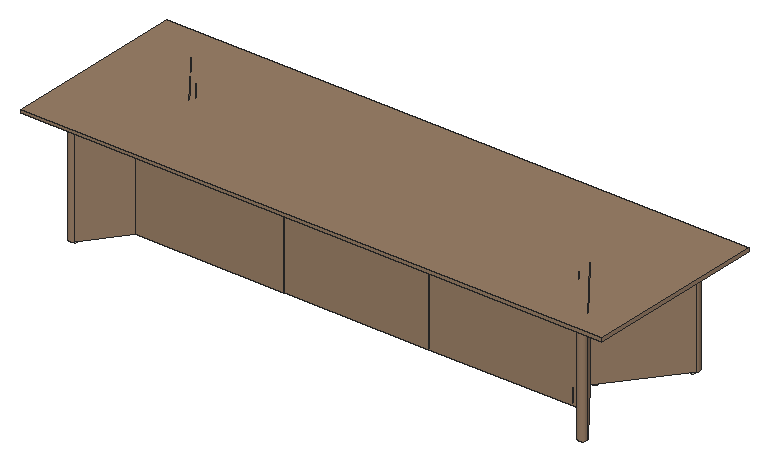
Revit family "Table-Teknion-CFTBCE_Figure_Table_Rectangular_Enclosed_V_Leg_Base_Bullnose_Cove_Edge-R2023", category Furniture, Revit 2023 (continued)
Definition of nested family "Enclosed V-Leg"
  Dimensions and locks (in)
    aligned and locked: curve 43 to cut or joined group of Sweep 4, Sweep 5
    aligned and locked: curve 44 to cut or joined group of Sweep 4, Sweep 5
    aligned and locked: curve 45 to cut or joined group of Sweep 4, Sweep 5
  Automatic sketch dimensions
    plane 1 "Center Front/Back" to Sweep 1 sketch curve = 0.000"
    plane 1 "Center Front/Back" to Sweep 3 sketch curve = 0.000"
    Sweep 3 sketch curve to plane 1 "Center Front/Back" = 0.60876"
    plane 1 "Center Front/Back" to Sweep 3 sketch curve = 0.60876"
    Sweep 4 sketch curve to Sweep 4 sketch curve = 0.0471"  (x2)
    Sweep 5 sketch curve to Sweep 5 sketch curve = 0.39668"  (x8)
    Sweep 5 sketch curve to Sweep 5 sketch curve = 0.30438"  (x4)
    curve 8 to plane 14 = 0.000"
    curve 13 to plane 12 = 0.000"
    plane 13 to curve 13 = 0.000"
    curve 20 to plane 9 = 0.000"  (x2)
    curve 28 to plane 9 = 0.000"  (x2)
    plane 10 to curve 36 = 0.000"  (x2)
    plane 10 to curve 44 = 0.000"  (x2)
Definition of nested family "Base 1"
  Parameters (values of type "Base 1")
    Warranty = "http://www.teknion.com/ca/papers/legal-canada"
    Unit Weight URL = "http://www.teknion.com/ca/tools/assets#&asset=bee6a381-b954-425e-8283-5a2de3a804f2,f828d448-4b62-4231-9e5f-9a8991c0ed77"
    URL = "www.teknion.com"
    To render please download texture images found here [instance] = "https://assets.teknion.com/web/5e81352c1dfdb467/revit-material-swatches/"
    Sustainability Data = "https://www.teknion.com/ca/tools/assets#&topic=216f99a5-57a0-44fc-b10a-9dee9b29ae4c&asset=444deb64-fe58-4b68-981e-f75e97781df7,b4ff2d81-9f2e-437d-9659-7cffb09c31cf"
    Series = ""
    Product Page URL = ""
    Product Line = ""
    Product Documentation Link = ""
    Part Number = ""
    Model = ""
    Manufacturer Phone = "416-661-3370"  # constant formula
    Manufacturer Fax = "416.661.4586"  # constant formula
    Manufacturer Contact Information = "http://www.teknion.com/ca/contactus"
    Manufacturer Address = "1150 Flint Road, Toronto, ON. M3J 2J5. Canada"  # constant formula
    Manufacturer = "Teknion"  # constant formula
    How To Use Teknion Materials User Guide [instance] = "https://assets.teknion.com/m/205dd0a49fa58060/original/How-to-add-a-Material-Library-and-Texture-Images-to-your-Revit-project.pdf"
    Glide Finish [instance] = none
    For Additional Finishes please visit [instance] = "https://assets.teknion.com/m/44a8009b046e5d47/original/Teknion_Materials_Library.zip"
    Dim 1 [instance] = if([Base - Depth] = 60.000", 15.000", 12.000")  # 15.000"
    Description = "Base 1"
    Default Elevation = 0.000"
    Base Finish [instance] = none
    Base - Depth [instance] = 60.000"
    Assembly Code = "E2020200"
  Reference planes (in)
    plane 1 "Center Front/Back": y = 0
    plane 2: z = 0
    plane 3 "Center Left/Right": x = 0
    plane 4 "Left": x = -1.15748
    plane 5 "Right": x = 1.15748
    plane 6 "Back": y = 7.5
    plane 7 "Front": y = -7.5
    plane 8 "Top": z = 26.75
  Forms (in)
    Sweep 1, solid, material <- "Base Finish"
      path origin (0, 0, 0) x (1, 0, 0) y (0, 1, 0)
        loop
          line (1.15748, 0) -> (-1.15748, 0)
      profile origin (0, 0, 0) x (0, -1, 0) y (0, 0, 1)
        loop
          line (-7.5, 26.75) -> (-7.5, 0.5) -> (-2, 0.5) -> (-2, 6.5) -> (2, 6.5) -> (2, 0.5) -> (7.5, 0.5) -> (7.5, 26.75) -> (4, 26.75) -> (4, 22.75) -> (-4, 22.75) -> (-4, 26.75) -> (-7.5, 26.75)
        loop
          line (-2, 19.125) -> (-2, 10.125)
          arc (-2, 10.125) -> (-1.85355, 9.77145) -> (-1.5, 9.625) r 0.5
          line (-1.5, 9.625) -> (1.5, 9.625)
          arc (1.5, 9.625) -> (1.85355, 9.77145) -> (2, 10.125) r 0.5
          line (2, 10.125) -> (2, 19.125)
          arc (2, 19.125) -> (1.85355, 19.47855) -> (1.5, 19.625) r 0.5
          line (1.5, 19.625) -> (-1.5, 19.625)
          arc (-1.5, 19.625) -> (-1.85355, 19.47855) -> (-2, 19.125) r 0.5
    Sweep 2, solid, material <- "Glide Finish"
      path origin (0, 0, 0) x (1, 0, 0) y (0, 0, 1)
        loop
          line (0, 0.25) -> (0, 0.5)
      profile origin (0, 0, 0.375) x (-1, 0, 0) y (0, -1, 0)
        loop
          line (0.75916, -5.4375) -> (0.39832, -5.4375) -> (0.2179, -5.75) -> (0.39832, -6.0625) -> (0.75916, -6.0625) -> (0.93958, -5.75) -> (0.75916, -5.4375)
        loop
          line (-0.75916, -5.4375) -> (-0.93958, -5.75) -> (-0.75916, -6.0625) -> (-0.39832, -6.0625) -> (-0.2179, -5.75) -> (-0.39832, -5.4375) -> (-0.75916, -5.4375)
        loop
          line (0.75916, 6.0625) -> (0.39832, 6.0625) -> (0.2179, 5.75) -> (0.39832, 5.4375) -> (0.75916, 5.4375) -> (0.93958, 5.75) -> (0.75916, 6.0625)
        loop
          line (-0.75916, 6.0625) -> (-0.93958, 5.75) -> (-0.75916, 5.4375) -> (-0.39832, 5.4375) -> (-0.2179, 5.75) -> (-0.39832, 6.0625) -> (-0.75916, 6.0625)
    Sweep 3, solid, material <- "Glide Finish"
      path origin (0, 0, 0) x (1, 0, 0) y (0, 0, 1)
        loop
          line (0, 0.25) -> (0, 0)
      profile origin (0, 0, 0.125) x (0, -1, 0) y (1, 0, 0)
        loop
          circle (-5.75, 0.57874) r 0.5
        loop
          circle (-5.75, -0.57874) r 0.5
        loop
          circle (5.75, 0.57874) r 0.5
        loop
          circle (5.75, -0.57874) r 0.5
  Cuts and joins
    joined: Sweep 2, Sweep 3
  Lines and regions (in)
    model lines
      curve 1: line (0, -4, 22.75) -> (0, -4, 26.75)
      curve 2: line (0, -4, 26.75) -> (0, -7.5, 26.75)
      curve 3: line (0, -7.5, 26.75) -> (0, -7.5, 0.5)
      curve 4: line (0, -7.5, 0.5) -> (0, -2, 0.5)
      curve 5: line (0, -2, 0.5) -> (0, -2, 6.5)
      curve 6: line (0, -2, 6.5) -> (0, 2, 6.5)
      curve 7: line (0, 2, 6.5) -> (0, 2, 0.5)
      curve 8: line (0, 2, 0.5) -> (0, 7.5, 0.5)
      curve 9: line (0, 7.5, 0.5) -> (0, 7.5, 26.75)
      curve 10: line (0, 7.5, 26.75) -> (0, 4, 26.75)
      curve 11: line (0, 4, 26.75) -> (0, 4, 22.75)
      curve 12: line (0, 4, 22.75) -> (0, -4, 22.75)
      curve 13: line (0, 1.5, 9.625) -> (0, -1.5, 9.625)
      curve 14: arc (0, -1.5, 9.625) -> (0, -1.85355, 9.77145) -> (0, -2, 10.125) r 0.5
      curve 15: line (0, -2, 10.125) -> (0, -2, 19.125)
      curve 16: arc (0, -2, 19.125) -> (0, -1.85355, 19.47855) -> (0, -1.5, 19.625) r 0.5
      curve 17: line (0, -1.5, 19.625) -> (0, 1.5, 19.625)
      curve 18: arc (0, 1.5, 19.625) -> (0, 1.85355, 19.47855) -> (0, 2, 19.125) r 0.5
      curve 19: line (0, 2, 19.125) -> (0, 2, 10.125)
      curve 20: arc (0, 2, 10.125) -> (0, 1.85355, 9.77145) -> (0, 1.5, 9.625) r 0.5
    symbolic lines, detail levels medium+fine
      curve 21: line (1.15748, 7.5, 0) -> (-1.15748, 7.5, 0)
      curve 22: line (-1.15748, 7.5, 0) -> (-1.15748, -7.5, 0)
      curve 23: line (1.15748, 7.5, 0) -> (1.15748, -7.5, 0)
      curve 24: line (-1.15748, -7.5, 0) -> (1.15748, -7.5, 0)
      curve 25: line (1.15748, -4, 0) -> (-1.15748, -4, 0)
      curve 26: line (1.15748, -2, 0) -> (-1.15748, -2, 0)
      curve 27: line (-1.15748, 2, 0) -> (1.15748, 2, 0)
      curve 28: line (-1.15748, 4, 0) -> (1.15748, 4, 0)
    symbolic lines, detail levels fine
      curve 29: arc (0.57874, 5.25, 0) -> (1.07874, 5.75, 0) -> (0.57874, 6.25, 0) r 0.5
      curve 30: arc (0.57874, 6.25, 0) -> (0.07874, 5.75, 0) -> (0.57874, 5.25, 0) r 0.5
      curve 31: arc (-0.57874, 6.25, 0) -> (-1.07874, 5.75, 0) -> (-0.57874, 5.25, 0) r 0.5
      curve 32: arc (-0.57874, 5.25, 0) -> (-0.07874, 5.75, 0) -> (-0.57874, 6.25, 0) r 0.5
      curve 33: arc (0.57874, -6.25, 0) -> (1.07874, -5.75, 0) -> (0.57874, -5.25, 0) r 0.5
      curve 34: arc (0.57874, -5.25, 0) -> (0.07874, -5.75, 0) -> (0.57874, -6.25, 0) r 0.5
      curve 35: arc (-0.57874, -6.25, 0) -> (-0.07874, -5.75, 0) -> (-0.57874, -5.25, 0) r 0.5
      curve 36: arc (-0.57874, -5.25, 0) -> (-1.07874, -5.75, 0) -> (-0.57874, -6.25, 0) r 0.5
      curve 37: line (-0.39832, -6.0625, 0) -> (-0.2179, -5.75, 0)
      curve 38: line (-0.2179, -5.75, 0) -> (-0.39832, -5.4375, 0)
      curve 39: line (-0.39832, -5.4375, 0) -> (-0.75916, -5.4375, 0)
      curve 40: line (-0.75916, -5.4375, 0) -> (-0.93958, -5.75, 0)
      curve 41: line (-0.93958, -5.75, 0) -> (-0.75916, -6.0625, 0)
      curve 42: line (-0.75916, -6.0625, 0) -> (-0.39832, -6.0625, 0)
      curve 43: line (0.75916, -5.4375, 0) -> (0.39832, -5.4375, 0)
      curve 44: line (0.39832, -5.4375, 0) -> (0.2179, -5.75, 0)
      curve 45: line (0.2179, -5.75, 0) -> (0.39832, -6.0625, 0)
      curve 46: line (0.39832, -6.0625, 0) -> (0.75916, -6.0625, 0)
      curve 47: line (0.75916, -6.0625, 0) -> (0.93958, -5.75, 0)
      curve 48: line (0.93958, -5.75, 0) -> (0.75916, -5.4375, 0)
      curve 49: line (0.75916, 6.0625, 0) -> (0.39832, 6.0625, 0)
      curve 50: line (0.39832, 6.0625, 0) -> (0.2179, 5.75, 0)
      curve 51: line (0.2179, 5.75, 0) -> (0.39832, 5.4375, 0)
      curve 52: line (0.39832, 5.4375, 0) -> (0.75916, 5.4375, 0)
      curve 53: line (0.75916, 5.4375, 0) -> (0.93958, 5.75, 0)
      curve 54: line (0.93958, 5.75, 0) -> (0.75916, 6.0625, 0)
      curve 55: line (-0.39832, 6.0625, 0) -> (-0.75916, 6.0625, 0)
      curve 56: line (-0.75916, 6.0625, 0) -> (-0.93958, 5.75, 0)
      curve 57: line (-0.93958, 5.75, 0) -> (-0.75916, 5.4375, 0)
      curve 58: line (-0.75916, 5.4375, 0) -> (-0.39832, 5.4375, 0)
      curve 59: line (-0.39832, 5.4375, 0) -> (-0.2179, 5.75, 0)
      curve 60: line (-0.2179, 5.75, 0) -> (-0.39832, 6.0625, 0)
  Dimensions and locks (in)
    locked: plane 4 "Left" to plane 5 "Right" at 2.31496
    "Dim 1": plane 6 "Back" to plane 7 "Front"
    locked: plane 8 "Top" to level at 26.75
    equal spacing: plane 4 "Left", plane 3 "Center Left/Right", plane 5 "Right"
    equal spacing: plane 6 "Back", plane 1 "Center Front/Back", plane 7 "Front"
    Sweep 1 sketch curve to plane 1 "Center Front/Back" to Sweep 1 sketch curve = 4.000" locked, 4.000" locked
    locked: plane 8 "Top" to Sweep 1 sketch curve at 4
    Sweep 1 sketch curve to plane 1 "Center Front/Back" to Sweep 1 sketch curve = 2.000" locked, 2.000" locked  (x2)
    locked: Sweep 1 sketch curve to plane 2 at 0.5
    locked: Sweep 1 sketch curve to plane 2 at 6.5
    Sweep 1 sketch curve to Sweep 1 sketch curve to plane 2 = 10.000" locked, 9.625" locked
    Sweep 2 sketch curve to Sweep 2 sketch curve to plane 2 = 0.250" locked, 0.250" locked
    Sweep 2 sketch curve to Sweep 2 sketch curve to Sweep 2 sketch curve to Sweep 2 sketch curve to Sweep 2 sketch curve to Sweep 2 sketch curve to plane 3 "Center Left/Right" to Sweep 2 sketch curve to Sweep 2 sketch curve to Sweep 2 sketch curve to Sweep 2 sketch curve to Sweep 2 sketch curve to Sweep 2 sketch curve = 0.18042" locked, 0.000" locked, 0.36084" locked, 0.000" locked, 0.18042" locked, 0.2179" locked, 0.2179" locked, 0.18042" locked, 0.000" locked, 0.36084" locked, 0.000" locked, 0.18042" locked  (x2)
    plane 7 "Front" to Sweep 2 sketch curve to Sweep 2 sketch curve to Sweep 2 sketch curve to Sweep 2 sketch curve to Sweep 2 sketch curve to Sweep 2 sketch curve to Sweep 2 sketch curve to Sweep 2 sketch curve = 1.4375" locked, 0.000" locked, 0.3125" locked, 0.000" locked, 0.000" locked, 0.000" locked, 0.3125" locked, 0.000" locked
    plane 6 "Back" to Sweep 2 sketch curve to Sweep 2 sketch curve to Sweep 2 sketch curve to Sweep 2 sketch curve to Sweep 2 sketch curve to Sweep 2 sketch curve to Sweep 2 sketch curve to Sweep 2 sketch curve = 1.4375" locked, 0.000" locked, 0.3125" locked, 0.000" locked, 0.000" locked, 0.000" locked, 0.3125" locked, 0.000" locked
    locked: Sweep 3 sketch curve to plane 2 at 0.25
    locked: plane 7 "Front" to Sweep 3 sketch curve at 1.75  (x2)
    Sweep 3 sketch curve to plane 3 "Center Left/Right" to Sweep 3 sketch curve = 0.57874" locked, 0.57874" locked  (x2)
    locked: plane 6 "Back" to Sweep 3 sketch curve at 1.75  (x2)
    aligned and locked: level to plane 2
    aligned and locked: Sweep 1 sketch curve to plane 1 "Center Front/Back"
    aligned and locked: plane 4 "Left" to Sweep 1 sketch curve
    aligned and locked: plane 5 "Right" to Sweep 1 sketch curve
    aligned and locked: plane 8 "Top" to Sweep 1 sketch curve  (x2)
    aligned and locked: plane 7 "Front" to Sweep 1 sketch curve
    aligned and locked: plane 6 "Back" to Sweep 1 sketch curve
    aligned and locked: Sweep 1 sketch curve to Sweep 1 sketch curve
    aligned and locked: curve 1 to Sweep 1
    aligned and locked: curve 2 to Sweep 1
    aligned and locked: curve 3 to Sweep 1
    aligned and locked: curve 4 to Sweep 1
    aligned and locked: curve 5 to Sweep 1
    aligned and locked: curve 6 to Sweep 1
    aligned and locked: curve 7 to Sweep 1
    aligned and locked: curve 8 to Sweep 1
    aligned and locked: curve 9 to Sweep 1
    aligned and locked: curve 10 to Sweep 1
    aligned and locked: curve 11 to Sweep 1
    aligned and locked: curve 12 to Sweep 1
    aligned and locked: curve 14 to Sweep 1
    aligned and locked: curve 16 to Sweep 1
    aligned and locked: curve 18 to Sweep 1
    aligned and locked: curve 20 to Sweep 1
    aligned and locked: plane 3 "Center Left/Right" to Sweep 2 sketch curve
    aligned and locked: plane 2 to Sweep 3 sketch curve
    aligned and locked: Sweep 3 sketch curve to plane 3 "Center Left/Right"
    aligned and locked: curve 21 to Sweep 1
    aligned and locked: curve 22 to Sweep 1
    aligned and locked: curve 23 to Sweep 1
    aligned and locked: curve 24 to Sweep 1
    aligned and locked: curve 25 to Sweep 1
    aligned and locked: curve 26 to Sweep 1
    aligned and locked: curve 27 to Sweep 1
    aligned and locked: curve 28 to Sweep 1
    aligned and locked: curve 29 to cut or joined group of Sweep 2, Sweep 3
    aligned and locked: curve 30 to cut or joined group of Sweep 2, Sweep 3
    aligned and locked: curve 31 to cut or joined group of Sweep 2, Sweep 3
    aligned and locked: curve 32 to cut or joined group of Sweep 2, Sweep 3
    aligned and locked: curve 33 to cut or joined group of Sweep 2, Sweep 3
    aligned and locked: curve 34 to cut or joined group of Sweep 2, Sweep 3
    aligned and locked: curve 35 to cut or joined group of Sweep 2, Sweep 3
    aligned and locked: curve 36 to cut or joined group of Sweep 2, Sweep 3
    aligned and locked: curve 37 to cut or joined group of Sweep 2, Sweep 3
    aligned and locked: curve 38 to cut or joined group of Sweep 2, Sweep 3
    aligned and locked: curve 39 to cut or joined group of Sweep 2, Sweep 3
    aligned and locked: curve 40 to cut or joined group of Sweep 2, Sweep 3
    aligned and locked: curve 41 to cut or joined group of Sweep 2, Sweep 3
    aligned and locked: curve 42 to cut or joined group of Sweep 2, Sweep 3
    aligned and locked: curve 43 to cut or joined group of Sweep 2, Sweep 3
    aligned and locked: curve 44 to cut or joined group of Sweep 2, Sweep 3
    aligned and locked: curve 45 to cut or joined group of Sweep 2, Sweep 3
    aligned and locked: curve 46 to cut or joined group of Sweep 2, Sweep 3
    aligned and locked: curve 47 to cut or joined group of Sweep 2, Sweep 3
    aligned and locked: curve 48 to cut or joined group of Sweep 2, Sweep 3
    aligned and locked: curve 49 to cut or joined group of Sweep 2, Sweep 3
    aligned and locked: curve 50 to cut or joined group of Sweep 2, Sweep 3
    aligned and locked: curve 51 to cut or joined group of Sweep 2, Sweep 3
    aligned and locked: curve 52 to cut or joined group of Sweep 2, Sweep 3
    aligned and locked: curve 53 to cut or joined group of Sweep 2, Sweep 3
    aligned and locked: curve 54 to cut or joined group of Sweep 2, Sweep 3
    aligned and locked: curve 55 to cut or joined group of Sweep 2, Sweep 3
    aligned and locked: curve 56 to cut or joined group of Sweep 2, Sweep 3
    aligned and locked: curve 57 to cut or joined group of Sweep 2, Sweep 3
    aligned and locked: curve 58 to cut or joined group of Sweep 2, Sweep 3
    aligned and locked: curve 59 to cut or joined group of Sweep 2, Sweep 3
    aligned and locked: curve 60 to cut or joined group of Sweep 2, Sweep 3
  Automatic sketch dimensions
    Sweep 1 sketch curve to Sweep 1 sketch curve = 0.500"  (x3)
    Sweep 1 sketch curve to profile plane = 1.500"
    Sweep 3 sketch curve to Sweep 3 sketch curve = 0.500"  (x4)
    Sweep 3 sketch curve to Sweep 3 sketch curve = 0.000"  (x8)
    curve 30 to curve 29 = 0.000"  (x2)
    curve 31 to curve 31 = 0.000"
    curve 32 to curve 31 = 0.000"
    curve 33 to curve 33 = 0.000"  (x2)
    curve 36 to curve 35 = 0.000"
    curve 35 to curve 35 = 0.000"
Definition of nested family "Teknion_2D_Node_Family-R2016"
  Reference planes (in)
    plane 1 "Center (Front/Back)": y = 0
    plane 2: z = 0
    plane 3 "Center (Left/Right)": x = 0
  Lines and regions (in)
    detail lines, in view "Ref. Level"
      curve 1: circle (0, 0, 0) r 1.25 normal (0, 0, 1)
      curve 2: line (1.91508, -1.91508, 0) -> (-1.91508, 1.91508, 0)
      curve 3: line (-1.91508, -1.91508, 0) -> (1.91508, 1.91508, 0)
Types (4): name | Model | Dim 4 | Description | Depth
  (no name) | "CFTSTE60___" | 8.346" | "Figure Table, Rectangular, Enclosed V-Leg, Subtop, 60\" Depth" | 60.000"
  60" Depth | "CFTSTE60___" | 8.346" | "Figure Table, Rectangular, Enclosed V-Leg, Subtop, 60\" Depth" | 60.000"
  54" Depth | "CFTSTE54___" | 6.846" | "Figure Table, Rectangular, Enclosed V-Leg, Subtop, 54\" Depth" | 54.000"
  48" Depth | "CFTSTE48___" | 6.846" | "Figure Table, Rectangular, Enclosed V-Leg, Subtop, 48\" Depth" | 48.000"
